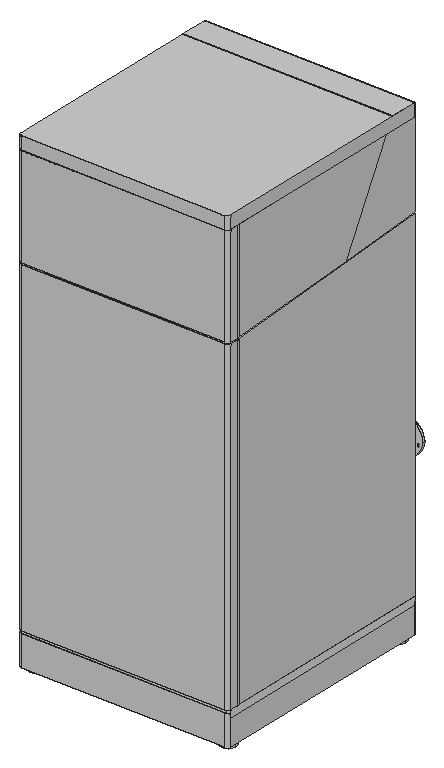
Revit family "Immergas-Ares pro 230", category Attrezzatura meccanica, Revit 2018
Family settings
  Quota connettore circolare = Usa diametro
  Tipo di parte = Normale
  Basato su piano di lavoro = No
  Sempre verticale = Sì
  Taglio con vuoti quando caricato = No
  Condiviso = No
  Punto di calcolo locali = No
Parameters (values of type "Immergas-Ares pro 230")
  yield hvac heating load nominal 30 (%) = 96.5
  yield hvac heating load nominal (%) = 97.8
  cerniere = Immergas - Plastica Nero
  Uniformat code = "D3020"
  Uniformat II Description = "Heat Generating Systems"
  Uniformat = "Heat Generating Systems"
  UDP_88_494_GAS_CONNECTION_DIAMETER = "0.75"
  UDP_334_495_PORTATA_TERMICA = "214"
  Thermal power 80/60°C = 209290 W
  Produttore = "Immergas"
  Product Code = "3.028310"
  Piping volume boiler = 0.21 m³
  Overall Width = 846 mm
  Overall Height = 1917 mm
  Overall Depth = 1082 mm
  Operating Temperature = 90 °C
  Omniclass Description = "HVAC Specific Products and Equipment"
  Nominal Voltage = 230 V
  Nominal Current = 6 A
  Name BIM&CO = "Caldaia"
  Modello = "Immergas-Ares pro 230"
  Masterformat 2014 Description = "Heating, Ventilating, and Air Conditioning (HVAC)"
  MasterFormat = "23 00 00- Heating, Ventilating, and Air Conditioning (HVAC)"
  Mass = 479.00 kg
  Manufacturer Product Link = "https://www.immergas.com/en/product?title=ARES%20PRO%20230"
  Hydraulic Fittings = 1651 mm
  Hot water flow = 0.0 L/s
  Frequency of use = 50 Hz
  Electric Power = 195 W
  ETIM Note = "Residential heating"
  Dimensions of Piping Connectors = 19.05 mm
  Diameter of fume exhaust = 250 mm
  Case = Immergas - Alluminio
Reference planes
  plane 1 "Centro (Fronte/Retro)": y = 0
  plane 2: z = -20.078
  plane 3 "Centro (Sinistra/Destra)": x = 0
Forms (mm)
  Extrusion 1, solid, material "Immergas - Alluminio" <- "Case"
    sketch origin (-14.211, 126.664, -20.078) x (-1, 0, 0) y (0, -1, 0)
      loop
        arc (-422.211, 514.91) -> (-432.817, 510.516) -> (-437.211, 499.91) r 15
        line (-437.211, 499.91) -> (-437.211, -422.69)
        arc (-437.211, -422.69) -> (-436.188, -425.159) -> (-433.72, -426.181) r 3.491
        line (-433.72, -426.181) -> (-425.211, -426.181) -> (-425.211, -86.427) -> (396.789, -86.427) -> (396.789, -426.181) -> (405.298, -426.181)
        arc (405.298, -426.181) -> (407.767, -425.159) -> (408.789, -422.69) r 3.491
        line (408.789, -422.69) -> (408.789, 466.702) -> (407.013, 466.702) -> (407.013, 470.647) -> (408.789, 470.647) -> (408.789, 499.91)
        arc (408.789, 499.91) -> (404.396, 510.516) -> (393.789, 514.91) r 15
        line (393.789, 514.91) -> (-422.211, 514.91)
    from 17.666 to 139.711
  Extrusion 2, solid
    sketch origin (-14.211, 126.664, -20.078) x (-1, 0, 0) y (0, -1, 0)
      loop
        arc (408.789, 499.91) -> (405.86, 506.981) -> (398.789, 509.91) r 10
        line (398.789, 509.91) -> (-427.211, 509.91)
        arc (-427.211, 509.91) -> (-434.282, 506.981) -> (-437.211, 499.91) r 10
        line (-437.211, 499.91) -> (-437.211, -426.181) -> (-425.211, -426.181) -> (-425.211, 66.664) -> (396.789, 66.664) -> (396.789, -426.181) -> (408.789, -426.181) -> (408.789, 499.91)
    from 122 to 152.633
  Extrusion 3, solid, material "Immergas - Alluminio" <- "Case"
    sketch origin (-14.211, 126.664, -20.078) x (-1, 0, 0) y (0, -1, 0)
      loop
        arc (-422.211, 514.91) -> (-432.817, 510.516) -> (-437.211, 499.91) r 15
        line (-437.211, 499.91) -> (-437.211, 470.647) -> (-432.211, 470.647) -> (-432.211, 466.702) -> (-437.211, 466.702) -> (-437.211, 461.702) -> (408.789, 461.702) -> (408.789, 466.702) -> (407.013, 466.702) -> (407.013, 470.647) -> (408.789, 470.647) -> (408.789, 499.91)
        arc (408.789, 499.91) -> (404.396, 510.516) -> (393.789, 514.91) r 15
        line (393.789, 514.91) -> (-422.211, 514.91)
    from 152.633 to 1472.164
  Extrusion 4, solid
    sketch origin (-14.211, 126.664, -20.078) x (-1, 0, 0) y (0, -1, 0)
      loop
        arc (313.789, 499.91) -> (310.86, 506.981) -> (303.789, 509.91) r 10
        line (303.789, 509.91) -> (-332.211, 509.91)
        arc (-332.211, 509.91) -> (-339.282, 506.981) -> (-342.211, 499.91) r 10
        line (-342.211, 499.91) -> (-342.211, 461.702) -> (313.789, 461.702) -> (313.789, 499.91)
    from 1472.164 to 1479.553
  Extrusion 5, solid, material "Immergas - Alluminio" <- "Case"
    sketch origin (-14.211, 126.664, -20.078) x (-1, 0, 0) y (0, -1, 0)
      loop
        arc (-422.211, 514.91) -> (-432.817, 510.516) -> (-437.211, 499.91) r 15
        line (-437.211, 499.91) -> (-437.211, 470.647) -> (-432.211, 470.647) -> (-432.211, 466.702) -> (-437.211, 466.702) -> (-437.211, 461.702) -> (408.789, 461.702) -> (408.789, 466.702) -> (407.013, 466.702) -> (407.013, 470.647) -> (408.789, 470.647) -> (408.789, 499.91)
        arc (408.789, 499.91) -> (404.396, 510.516) -> (393.789, 514.91) r 15
        line (393.789, 514.91) -> (-422.211, 514.91)
    from 1479.553 to 1885.003
  Extrusion 6, solid, material "Immergas - Alluminio" <- "Case"
    sketch origin (-14.211, 126.664, -20.078) x (-1, 0, 0) y (0, -1, 0)
      loop
        arc (-422.211, 514.91) -> (-432.817, 510.516) -> (-437.211, 499.91) r 15
        line (-437.211, 499.91) -> (-437.211, -422.69)
        arc (-437.211, -422.69) -> (-436.188, -425.159) -> (-433.72, -426.181) r 3.491
        line (-433.72, -426.181) -> (405.298, -426.181)
        arc (405.298, -426.181) -> (407.767, -425.159) -> (408.789, -422.69) r 3.491
        line (408.789, -422.69) -> (408.789, 466.702) -> (408.789, 499.91)
        arc (408.789, 499.91) -> (404.396, 510.516) -> (393.789, 514.91) r 15
        line (393.789, 514.91) -> (-422.211, 514.91)
    from 1886.701 to 1937.078
  Extrusion 7, solid
    sketch origin (-14.211, 126.664, 0) x (-1, 0, 0) y (0, -1, 0)
      loop
        arc (313.789, 499.91) -> (310.86, 506.981) -> (303.789, 509.91) r 10
        line (303.789, 509.91) -> (-332.211, 509.91)
        arc (-332.211, 509.91) -> (-339.282, 506.981) -> (-342.211, 499.91) r 10
        line (-342.211, 499.91) -> (-342.211, -254.597) -> (313.789, -254.597) -> (313.789, 499.91)
    from 1864.926 to 1866.623
  Extrusion 8, solid, material "Immergas - Alluminio" <- "Case"
    sketch origin (0, 0, 0) x (0, 1, 0) y (0, 0, 1)
      loop
        line (-340.038, 1452.222) -> (-340.038, 134.922) -> (552.845, 134.922) -> (552.845, 1514.658) -> (-340.038, 1452.222)
    from -423 to 423
  Extrusion 9, solid
    sketch origin (0, 0, 0) x (0, 1, 0) y (0, 0, 1)
      loop
        line (539.962, 1513.757) -> (539.962, 1520.948) -> (-335.038, 1459.762) -> (-335.038, 1452.571) -> (539.962, 1513.757)
    from -328 to 328
  Extrusion 10, solid, material "Immergas - Alluminio" <- "Case"
    sketch origin (0, 0, 0) x (0, 1, 0) y (0, 0, 1)
      loop
        line (441.122, 1917) -> (208.749, 1497.787) -> (552.845, 1521.849) -> (552.845, 1917) -> (441.122, 1917)
    from -423 to 423
  Extrusion 11, solid, material "Immergas - Alluminio" <- "Case"
    sketch origin (0, 0, 0) x (0, 1, 0) y (0, 0, 1)
      loop
        line (-335.038, 1866.623) -> (-335.038, 1459.762) -> (208.749, 1497.787) -> (413.198, 1866.623) -> (-335.038, 1866.623)
    from -423 to 423
  Extrusion 12, void
    sketch origin (0, 552.845, 134.922) x (0, 0, -1) y (1, 0, 0)
      loop
        line (-379.33, 321) -> (-379.33, -317.276) -> (12.922, -317.276) -> (12.922, 321) -> (-379.33, 321)
    from 0 to 334.754
  Sweep 13, solid
    path origin (-5.008, 0, 2.543) x (1, 0, 0) y (0, 0, 1)
      loop
        circle (-265.104, 1733.679) r 50
    profile origin (-270.112, 0, 1686.222) x (0, 0, 1) y (0, -1, 0)
      loop
        circle (0, -554.108) r 1.307
      loop
        circle (5.49, -554.165) r 1.186
      loop
        circle (11.104, -554.165) r 1.186
      loop
        circle (16.717, -554.165) r 1.186
      loop
        circle (22.33, -554.165) r 1.186
      loop
        circle (27.943, -554.165) r 1.186
      loop
        circle (33.557, -554.165) r 1.186
      loop
        circle (-26.758, -554.108) r 1.307
      loop
        circle (-21.267, -554.165) r 1.186
      loop
        circle (-15.654, -554.165) r 1.186
      loop
        circle (-10.041, -554.165) r 1.186
      loop
        circle (-4.427, -554.165) r 1.186
      loop
        circle (-32.368, -554.108) r 1.307
      loop
        circle (-59.126, -554.108) r 1.307
      loop
        circle (-53.635, -554.165) r 1.186
      loop
        circle (-48.022, -554.165) r 1.186
      loop
        circle (-42.409, -554.165) r 1.186
      loop
        circle (-36.796, -554.165) r 1.186
  Extrusion 14, solid
    sketch origin (0, 0, 0) x (1, 0, 0) y (0, 0, 1)
      loop
        line (-173.578, 1802.784) -> (-271.402, 1742.954) -> (-360.903, 1813.585) -> (-280.319, 1735.371) -> (-367.602, 1650.639) -> (-271.402, 1728.443) -> (-183.054, 1656.918) -> (-262.486, 1735.371) -> (-173.578, 1802.784)
    from -552.845 to -556.99
  Extrusion 15, solid
    sketch origin (-49.247, 0, 87.614) x (1, 0, 0) y (0, 0, 1)
      loop
        circle (-180.125, 1377.544) r 70
      loop
        circle (-180.125, 1377.544) r 15
      loop
        circle (-178.25, 1425.411) r 5
      loop
        circle (-125.568, 1379.6) r 5
      loop
        circle (-230.361, 1377.882) r 5
      loop
        circle (-179.396, 1329.78) r 5
    from -685.623 to -695.796
  Extrusion 16, solid
    sketch origin (457, 0, -772.674) x (1, 0, 0) y (0, 0, 1)
      loop
        circle (-179.571, 1376.687) r 70
      loop
        circle (-179.571, 1376.687) r 15
      loop
        circle (-177.697, 1424.553) r 5
      loop
        circle (-125.014, 1361.472) r 5
      loop
        circle (-229.807, 1377.024) r 5
      loop
        circle (-178.842, 1328.922) r 5
    from -694.214 to -688.236
  Extrusion 17, solid
    sketch origin (0, 0, 72.252) x (1, 0, 0) y (0, 0, 1)
      loop
        line (241, 442) -> (-241, 442)
        arc (-241, 442) -> (-170.413, 271.587) -> (0, 201) r 241
        arc (0, 201) -> (170.413, 271.587) -> (241, 442) r 241
    from -295.295 to -60
  Extrusion 18, solid
    sketch origin (48.789, 143.73, 61.212) x (1, 0, 0) y (0, 0, 1)
      loop
        circle (228.5, 543.826) r 15
      loop
        circle (-277.174, 1402.968) r 15
    from -550.484 to -394.545
  Extrusion 19, solid
    sketch origin (0, 18.026, -17.655) x (1, 0, 0) y (0, -0.052336, 0.99863)
      loop
        circle (1.317, 333.864) r 125
      loop
        circle (1.317, 333.864) r 120
    from -705.017 to -263.972
  Extrusion 20, solid, material "Immergas - Plastica Nero" <- "cerniere"
    sketch origin (0, 0, 0) x (0, 1, 0) y (0, 0, 1)
      loop
        line (-351.031, 1401.166) -> (-351.031, 1326.081) -> (-326.031, 1326.081) -> (-326.031, 1401.166) -> (-351.031, 1401.166)
      loop
        line (-350.038, 212.633) -> (-350.038, 152.633) -> (-326.031, 152.633) -> (-326.031, 212.633) -> (-350.038, 212.633)
    from -429.809 to -423
  Extrusion 21, solid
    sketch origin (0, 0, -20.078) x (1, 0, 0) y (0, 1, 0)
      loop
        circle (-384.457, 518.089) r 30
      loop
        circle (384.457, 518.089) r 30
      loop
        circle (-384.457, -338.489) r 30
      loop
        circle (384.457, -338.489) r 30
    from 0 to 17.666
Cuts and joins
  Extrusion 12 cuts Extrusion 8
Dimensions and locks
  locked: Extrusion 2 to Extrusion 1 at 12.922
  locked: Extrusion 4 to Extrusion 3 at 7.389
  locked: Extrusion 7 to Extrusion 5 at 1.697
  Extrusion 6 to Extrusion 1 = 1919.412 mm
  level to nested 1 = 1557.078 mm
  plane 3 "Centro (Sinistra/Destra)" to nested 1 = 120 mm
  Extrusion 1 to nested 2 = 1699.412 mm
  nested 2 to plane 3 "Centro (Sinistra/Destra)" = 81 mm
  Extrusion 10 to Extrusion 7 = 936.091 mm
  cut or joined group of Extrusion 8, Extrusion 12 to Extrusion 16 = 141.369 mm
  plane 3 "Centro (Sinistra/Destra)" to nested 3 = 228.211 mm
  Extrusion 1 to nested 3 = 1466.093 mm
  nested 4 to plane 3 "Centro (Sinistra/Destra)" = 277 mm
  Extrusion 1 to nested 4 = 606.912 mm
  aligned and locked: level to plane 2
  aligned and locked: Extrusion 3 to Extrusion 2
  aligned and locked: Extrusion 4 to Extrusion 3
  aligned and locked: Extrusion 5 to Extrusion 4
  aligned and locked: Extrusion 7 to Extrusion 5
  aligned and locked: Extrusion 6 to Extrusion 7
Nested families
  nested 1: "M_Connettore tubazione - Altro - Apparecchi idraulici" at (120, 552.845, 1537) x (0, 0, 1) z (0, 1, 0), type "Standard"
    with Spessore 25.4 mm, Raggio nominale 15 mm, Flusso 0.63 L/s, Diametro nominale 30 mm
  nested 2: "M_Connettore tubazione - Altro - Apparecchi idraulici" at (-81, 552.845, 1697) x (0, 0, 1) z (0, 1, 0), type "Standard"
    with Spessore 25.4 mm, Raggio nominale 15 mm, Flusso 0.63 L/s, Diametro nominale 30 mm
  nested 3: "M_Connettore tubazione - Altro - Apparecchi idraulici" at (-228.211, 694.214, 1463.681) x (1, 0, 0) z (0, 1, 0), type "Standard"
    with Spessore 25.4 mm, Raggio nominale 15 mm, Flusso 0.63 L/s, Diametro nominale 30 mm
  nested 4: "M_Connettore tubazione - Altro - Apparecchi idraulici" at (277, 694.214, 604.5) x (1, 0, 0) z (0, 1, 0), type "Standard"
    with Spessore 25.4 mm, Raggio nominale 15 mm, Flusso 0.63 L/s, Diametro nominale 30 mm
Connectors
  piping at (-81, 578.245, 1697), diameter 12
    settings: on nested 2, index 1, connector inside diameter 609.6 mm, connector length 0 mm, flow factor 0, pipe flow 0.0 L/s, pressure drop 0.0 Pa, fitting loss kfactor 0, connector angle 0.00°, fixture units 0, engagement length 0 mm, angle of deflection 0.00°, flow configuration 0, flow direction 0, fitting loss method 0, system type 22, joint type 0, gender type 0, connector reference index -1, connector utility 0, adjustable connector no, is connector primary yes, connector description "entrata gas"
  piping at (120, 578.245, 1537), diameter 12
    settings: on nested 1, index 2, connector inside diameter 609.6 mm, connector length 0 mm, flow factor 0, pipe flow 0.0 L/s, pressure drop 0.0 Pa, fitting loss kfactor 0, connector angle 0.00°, fixture units 0, engagement length 0 mm, angle of deflection 0.00°, flow configuration 0, flow direction 0, fitting loss method 0, system type 22, joint type 0, gender type 0, connector reference index -1, connector utility 0, adjustable connector no, is connector primary no, connector description "attacco vaso di espansione"
  piping at (-228.211, 719.614, 1463.681), diameter 12
    settings: on nested 3, index 4, connector inside diameter 609.6 mm, connector length 0 mm, flow factor 0, pipe flow 0.0 L/s, pressure drop 0.0 Pa, fitting loss kfactor 0, connector angle 0.00°, fixture units 0, engagement length 0 mm, angle of deflection 0.00°, flow configuration 0, flow direction 0, fitting loss method 0, system type 7, joint type 0, gender type 0, connector reference index -1, connector utility 0, adjustable connector no, is connector primary no, connector description ""
  piping at (277, 719.614, 604.5), diameter 12
    settings: on nested 4, index 5, connector inside diameter 609.6 mm, connector length 0 mm, flow factor 0, pipe flow 0.0 L/s, pressure drop 0.0 Pa, fitting loss kfactor 0, connector angle 0.00°, fixture units 0, engagement length 0 mm, angle of deflection 0.00°, flow configuration 0, flow direction 0, fitting loss method 0, system type 8, joint type 0, gender type 0, connector reference index -1, connector utility 0, adjustable connector no, is connector primary no, connector description ""
  piping at (-271.343, 556.99, 1733.258), diameter 10
    settings: on Extrusion 14, index 6, connector inside diameter 609.6 mm, connector length 0 mm, flow factor 0, pipe flow 0.0 L/s, pressure drop 0.0 Pa, fitting loss kfactor 0, connector angle 0.00°, fixture units 0, engagement length 0 mm, angle of deflection 0.00°, flow configuration 0, flow direction 0, fitting loss method 0, system type 17, joint type 0, gender type 0, connector reference index -1, connector utility 0, adjustable connector no, is connector primary no, connector description "entrata aria"
  piping at (1.317, 704.603, 352.649), diameter 10
    settings: on Extrusion 19, index 7, connector inside diameter 609.6 mm, connector length 0 mm, flow factor 0, pipe flow 0.0 L/s, pressure drop 0.0 Pa, fitting loss kfactor 0, connector angle 0.00°, fixture units 0, engagement length 0 mm, angle of deflection 0.00°, flow configuration 0, flow direction 0, fitting loss method 0, system type 22, joint type 0, gender type 0, connector reference index -1, connector utility 0, adjustable connector no, is connector primary no, connector description "uscita fumi"
  electrical at (-105.528, 52.828, -2.412)
    settings: on Extrusion 1, index 8, voltage 0 V, apparent load 0 VA, apparent load phase1 0 VA, apparent load phase2 0 VA, apparent load phase3 0 VA, power factor 1, load classification "Altro", number of poles 1, system type 14, power factor state 1, is connector primary yes, connector utility no, sub classification motor no, connector description ""
Definition of nested family "M_Connettore tubazione - Altro - Apparecchi idraulici"
  Parameters (values of type "Standard")
    WFU = 0
    Raggio nominale [instance] = 15 mm
    Diametro nominale [instance] = Raggio nominale * 2  # 30 mm
    Spessore [instance] = 25.4 mm
    HWFU = 0
    Flusso [instance] = 0.63 L/s
    Default Elevation = 0 mm
    CWFU = 0
  Reference planes
    plane 1 "Centro (Fronte/Retro)": y = 0
    plane 2: z = 0
    plane 3 "Centro (Sinistra/Destra)": x = 0
    plane 4: z = 25.4
  Forms (mm)
    Extrusion 1, solid
      sketch origin (0, 0, 0) x (1, 0, 0) y (0, 1, 0)
        loop
          line (-1219.2, 1219.2) -> (-1219.2, -1219.2) -> (1219.2, -1219.2) -> (1219.2, 1219.2) -> (-1219.2, 1219.2)
      from 0 to -304.8
    Extrusion 2, solid
      sketch origin (0, 0, 0) x (1, 0, 0) y (0, 1, 0)
        loop
          circle (0, 0) r 15
      from 0 to 25.4
  Dimensions and locks
    "Spessore": plane 4 to plane 2
    "Raggio nominale": radius of Extrusion 2 sketch curve
    aligned and locked: plane 2 to Extrusion 1
    aligned and locked: level to Extrusion 1
    aligned and locked: plane 1 "Centro (Fronte/Retro)" to Extrusion 2 sketch curve
    aligned and locked: plane 4 to Extrusion 2
  Automatic sketch dimensions
    Extrusion 1 sketch curve to Extrusion 1 sketch curve = 2438.4 mm  (x2)
    Extrusion 2 sketch curve to plane 3 "Centro (Sinistra/Destra)" = 0 mm
  Connectors
    piping at (0, 0, 25.4), diameter 30, driven by "Raggio nominale", driven by "WFU", driven by "Flusso"
      settings: on Extrusion 2, index 1, connector inside diameter 30 mm, connector length 0 mm, flow factor 0, pipe flow 0.63 L/s, pressure drop 0.0 Pa, fitting loss kfactor 0, connector angle 0.00°, fixture units 0, engagement length 0 mm, angle of deflection 0.00°, flow configuration 1, flow direction 1, fitting loss method 0, system type 22, joint type 0, gender type 0, connector reference index -1, connector utility 0, adjustable connector no, is connector primary yes, connector description ""
